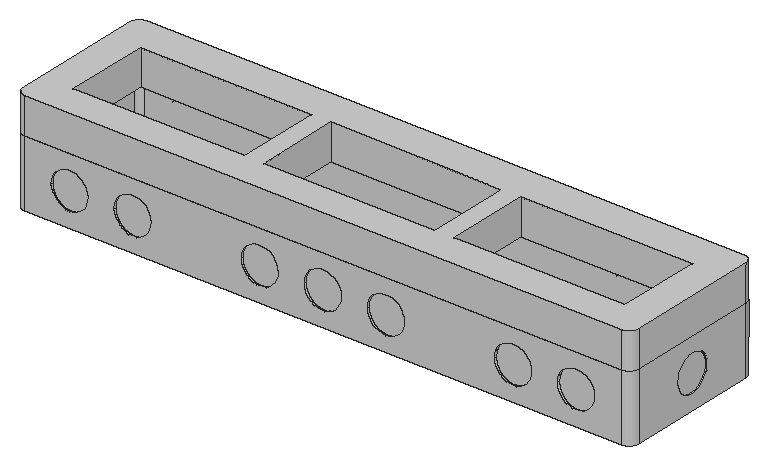
Revit family "Domotics-SerieCivili-GEWISS-27COMBI_SYSTEM-IP40_4P+4P+4P_ORIZ", category Apparecchi elettrici, host Superficie, Revit 2016
Family settings
  Host = Superficie
  Mantenere orientamento annotazione = No
  Tipo di parte = Normale
  Quota connettore circolare = Usa diametro
  Numero OmniClass = 23.80.30.14.24
  Titolo OmniClass = Junction Boxes
  Taglio con vuoti quando caricato = Sì
  Condiviso = No
  Punto di calcolo locali = No
Parameters (values of type "GW27007 - 4x3 posti orizzontali")
  Viti coperchio = "Acciaio resistente alla corrosione"
  Versione file RFA = "19.4"
  URL = "https://www.gewiss.com/it/it"
  Tipo sfondabili = "Asportabili con utensile"
  Tipo = SYSTEM CONTENITORI IP40 4X3P H_BASE : GW27007 - 4x3 posti orizzontali
  Termopressione con biglia = "70 °C"
  Temperatura di installazione = "-25 +60 °C"
  Scheda Tecnica = "https://www.gewiss.com/it/it/search?q=GW27007"
  SEO = "Contenitore"
  SCATOLA = GEWISS GRIGIO
  Resistenza agli urti = "IK07"
  Produttore = "GEWISS S.p.A."
  Predisposizione scomparti = "3"
  Offset contenitore [instance] = 0 mm
  Offset bidimensionale [instance] = Offset contenitore + 55 mm  # 55 mm
  Norma di riferimento: = "EN 60670-1"
  N. fori Ã˜ 23 sfondabili: = "Laterali 16 / Sul fondo 3"
  N. fori Ã˜ 23 sfondabili = "16"
  Modello = "GW27007"
  Larghezza scatola = 330 mm
  IFC.TypeObject = ""
  IFC.ExportType = ""
  IFC.ExportAs = ""
  IDT = "0ac9fafb-c611-4cc4-9ad7-197cb8e27791"
  IDF = "339c15e2-7cd6-423c-a138-e17ac40dea8d"
  Grado di protezione = "IP40"
  Glow Wire Test = "650°C"
  Distanza simbolo [instance] = 231.658 mm
  Default Elevation = 1219.2 mm
  Immagine tipo = GW27007.jpg
  Dimensioni BxHxP (mm) = "330x82x55"
  Dim. esterne BxHxP (mm) = "330x82x55"
  Descrizione: = "12 posti"
  Descrizione = "CONTENITORE 12(4X3) POSTI ORIZZ.PROT."
  Creato da GEWISS S.p.A. = ""
  Coppia serraggio viti = "0,8NM"
  Configurazione = "Modulo 4 x 3"
  Colore = "Grigio RAL 7035"
  Codice Electrocod = "0212"
  Codice EAN = "8011564055308"
  Classe isolamento = "II"
  Catalogo Serie = "27COMBI"
  Catalogo = "DOMOTICS"
  Caratteristiche = "Halogen free"
  COBie.Tagnumber = ""
  COBie.CreatedOn = ""
  COBie.CreatebBy = ""
  COBie.ComponentRegisterItemID = ""
  COBie.Component.TagNumber = ""
  COBie.Component.Space = ""
  COBie.Component.SerialNumber = ""
  COBie.Component.InstallationDate = ""
  COBie.Component.Description = ""
  COBie.Component.BarCode = ""
  Bidimensionale = bidimensionale system contenitori IP40 4X3P H : 4P
  Altezza simbolo [instance] = 102.729 mm
Reference planes
  plane 1 "Centro (Fronte/Retro)": y = 0
  plane 2: z = 0
  plane 3 "Centro (Sinistra/Destra)": x = 0
  plane 4: z = 0
  plane 5 "piano bidimensionale": z = 55
  plane 6: y = 41
  plane 7: y = -41
  plane 8 "1": x = -165
  plane 9 "2": x = 165
Forms (mm)
  Extrusion 1, solid, material "GEWISS GRIGIO" <- "SCATOLA", detail levels coarse
    sketch origin (0, 0, 55) x (0, -1, 0) y (1, 0, 0)
      loop
        arc (-41, -160) -> (-39.536, -163.536) -> (-36, -165) r 5
        line (-36, -165) -> (36, -165)
        arc (36, -165) -> (39.536, -163.536) -> (41, -160) r 5
        line (41, -160) -> (41, 160)
        arc (41, 160) -> (39.536, 163.536) -> (36, 165) r 5
        line (36, 165) -> (-36, 165)
        arc (-36, 165) -> (-39.536, 163.536) -> (-41, 160) r 5
        line (-41, 160) -> (-41, -160)
    from -55 to 0
Lines and regions (mm)
  Masking region 1
    outline origin (0, 0, 0) x (1, 0, 0) y (0, 0, 1)
      loop
        line (-165, 0) -> (165, 0) -> (165, 55) -> (-165, 55) -> (-165, 0)
  Masking region 2
    outline origin (0, 0, 0) x (0, 1, 0) y (0, 0, 1)
      loop
        line (-41, 0) -> (41, 0) -> (41, 55) -> (-41, 55) -> (-41, 0)
  Masking region 3, detail levels medium+fine
    outline origin (0, 0, 0) x (1, 0, 0) y (0, 0, 1)
      loop
        circle (0, 18.132) r 10
      loop
        circle (-33.75, 18.132) r 10
      loop
        circle (-101.875, 18.132) r 10
      loop
        circle (-135.852, 18.132) r 10
      loop
        circle (33.75, 18.132) r 10
      loop
        circle (101.875, 18.132) r 10
      loop
        circle (135.852, 18.132) r 10
  Masking region 4, detail levels medium+fine
    outline origin (0, 0, 0) x (0, 1, 0) y (0, 0, 1)
      loop
        circle (0, 18.264) r 10
Dimensions and locks
  "Offset contenitore": plane 4 to host face
  "Offset bidimensionale": plane 5 "piano bidimensionale" to plane 2
  "Larghezza scatola": plane 8 "1" to plane 9 "2"
  equal spacing: plane 8 "1", plane 3 "Centro (Sinistra/Destra)", plane 9 "2"
  locked: plane 6 to plane 7 at 82
  aligned and locked: plane 2 to host face
  aligned and locked: level to host face
  aligned and locked: Extrusion 1 to plane 4
  aligned and locked: plane 5 "piano bidimensionale" to Extrusion 1
  aligned and locked: plane 4 to Extrusion 1  (x5)
  aligned and locked: plane 6 to Extrusion 1
  aligned and locked: Extrusion 1 to plane 8 "1"
  aligned and locked: Extrusion 1 to plane 7
  aligned and locked: plane 3 "Centro (Sinistra/Destra)" to nested 1
  aligned and locked: plane 1 "Centro (Fronte/Retro)" to nested 1
  aligned and locked: Extrusion 1 sketch curve to plane 8 "1"
  aligned and locked: plane 5 "piano bidimensionale" to nested 1
  aligned and locked: plane 8 "1" to nested 2
  aligned and locked: Extrusion 1 sketch curve to plane 9 "2"
  aligned and locked: nested 2 to plane 4
  aligned and locked: Masking region 1 sketch curve to Extrusion 1  (x3)
  aligned and locked: Masking region 1 sketch curve to nested 2
  aligned and locked: Masking region 2 sketch curve to Extrusion 1  (x3)
  aligned and locked: Masking region 2 sketch curve to nested 2
Automatic sketch dimensions
  host sketch curve to host sketch curve = 2438.4 mm  (x2)
  plane 6 to Extrusion 1 sketch curve = 0 mm
  plane 7 to Extrusion 1 sketch curve = 0 mm
  Extrusion 1 sketch curve to plane 6 = 5 mm  (x2)
  plane 7 to Extrusion 1 sketch curve = 5 mm
  Extrusion 1 sketch curve to Extrusion 1 sketch curve = 5 mm
  Masking region 3 sketch curve to plane 3 "Centro (Sinistra/Destra)" = 0 mm
  Masking region 3 sketch curve to Masking region 3 sketch curve = 33.75 mm
  plane 4 to Masking region 3 sketch curve = 18.132 mm  (x7)
  plane 8 "1" to Masking region 3 sketch curve = 63.125 mm
  plane 8 "1" to Masking region 3 sketch curve = 29.148 mm
  plane 3 "Centro (Sinistra/Destra)" to Masking region 3 sketch curve = 33.75 mm
  Masking region 3 sketch curve to plane 9 "2" = 63.125 mm
  Masking region 3 sketch curve to plane 9 "2" = 29.148 mm
  Masking region 4 sketch curve to plane 1 "Centro (Fronte/Retro)" = 0 mm
  plane 4 to Masking region 4 sketch curve = 18.264 mm
  radius of Masking region 3 sketch curve = 10 mm  (x7)
  radius of Masking region 4 sketch curve = 10 mm
Nested families
  nested 1: "bidimensionale system contenitori IP40 4X3P H" at (0, 0, 55), type <- "Bidimensionale", type "4P", detail levels coarse
  nested 2: "SYSTEM CONTENITORI IP40 4X3P H_BASE" at (0, 0, 0), type <- "Tipo", type "GW27007 - 4x3 posti orizzontali"
Connectors
  cabletrayconduit at (-165, 0, 18), diameter 20
    settings: on nested 2, index 1, connector width 300 mm, connector height 300 mm, connector angle 0.00°, system type 32, placement type 0, profile type 0, connector reference index -1, is primary connector yes, connector utility param no, connector description ""
  cabletrayconduit at (-135.83, 41, 18), diameter 20
    settings: on nested 2, index 2, connector width 300 mm, connector height 300 mm, connector angle 0.00°, system type 32, placement type 0, profile type 0, connector reference index -1, is primary connector no, connector utility param no, connector description ""
  cabletrayconduit at (-102, 41, 18), diameter 20
    settings: on nested 2, index 3, connector width 300 mm, connector height 300 mm, connector angle 0.00°, system type 32, placement type 0, profile type 0, connector reference index -1, is primary connector no, connector utility param no, connector description ""
  cabletrayconduit at (-33.83, 41, 18), diameter 20
    settings: on nested 2, index 4, connector width 300 mm, connector height 300 mm, connector angle 0.00°, system type 32, placement type 0, profile type 0, connector reference index -1, is primary connector no, connector utility param no, connector description ""
  cabletrayconduit at (0, 41, 18), diameter 20
    settings: on nested 2, index 5, connector width 300 mm, connector height 300 mm, connector angle 0.00°, system type 32, placement type 0, profile type 0, connector reference index -1, is primary connector no, connector utility param no, connector description ""
  cabletrayconduit at (33.83, 41, 18), diameter 20
    settings: on nested 2, index 6, connector width 300 mm, connector height 300 mm, connector angle 0.00°, system type 32, placement type 0, profile type 0, connector reference index -1, is primary connector no, connector utility param no, connector description ""
  cabletrayconduit at (102, 41, 18), diameter 20
    settings: on nested 2, index 7, connector width 300 mm, connector height 300 mm, connector angle 0.00°, system type 32, placement type 0, profile type 0, connector reference index -1, is primary connector no, connector utility param no, connector description ""
  cabletrayconduit at (135.83, 41, 18), diameter 20
    settings: on nested 2, index 8, connector width 300 mm, connector height 300 mm, connector angle 0.00°, system type 32, placement type 0, profile type 0, connector reference index -1, is primary connector no, connector utility param no, connector description ""
  cabletrayconduit at (-135.83, -41, 18), diameter 20
    settings: on nested 2, index 9, connector width 300 mm, connector height 300 mm, connector angle 0.00°, system type 32, placement type 0, profile type 0, connector reference index -1, is primary connector no, connector utility param no, connector description ""
  cabletrayconduit at (-102, -41, 18), diameter 20
    settings: on nested 2, index 10, connector width 300 mm, connector height 300 mm, connector angle 0.00°, system type 32, placement type 0, profile type 0, connector reference index -1, is primary connector no, connector utility param no, connector description ""
  cabletrayconduit at (-33.83, -41, 18), diameter 20
    settings: on nested 2, index 11, connector width 300 mm, connector height 300 mm, connector angle 0.00°, system type 32, placement type 0, profile type 0, connector reference index -1, is primary connector no, connector utility param no, connector description ""
  cabletrayconduit at (0, -41, 18), diameter 20
    settings: on nested 2, index 12, connector width 300 mm, connector height 300 mm, connector angle 0.00°, system type 32, placement type 0, profile type 0, connector reference index -1, is primary connector no, connector utility param no, connector description ""
  cabletrayconduit at (33.83, -41, 18), diameter 20
    settings: on nested 2, index 13, connector width 300 mm, connector height 300 mm, connector angle 0.00°, system type 32, placement type 0, profile type 0, connector reference index -1, is primary connector no, connector utility param no, connector description ""
  cabletrayconduit at (102, -41, 18), diameter 20
    settings: on nested 2, index 14, connector width 300 mm, connector height 300 mm, connector angle 0.00°, system type 32, placement type 0, profile type 0, connector reference index -1, is primary connector no, connector utility param no, connector description ""
  cabletrayconduit at (135.83, -41, 18), diameter 20
    settings: on nested 2, index 15, connector width 300 mm, connector height 300 mm, connector angle 0.00°, system type 32, placement type 0, profile type 0, connector reference index -1, is primary connector no, connector utility param no, connector description ""
  cabletrayconduit at (165, 0, 18), diameter 20
    settings: on nested 2, index 16, connector width 300 mm, connector height 300 mm, connector angle 0.00°, system type 32, placement type 0, profile type 0, connector reference index -1, is primary connector no, connector utility param no, connector description ""
Definition of nested family "SYSTEM CONTENITORI IP40 4X3P H_BASE"
  Parameters (values of type "GW27007 - 4x3 posti orizzontali")
    SCATOLA = none
    PRESA = none
    Profondità scatola = 55 mm  # constant formula
    Larghezza scatola = 330 mm
    Larghezza foro = 92 mm
    Bidimensionale = 70 mm
    Altezza scatola = 82 mm  # constant formula
    Altezza foro = 45 mm
  Reference planes
    plane 1 "Centro (Fronte/Retro)": y = 0
    plane 2: z = 0
    plane 3 "Centro (Sinistra/Destra)": x = 0
    plane 4: y = -41
    plane 5: y = 41
    plane 6: x = -165
    plane 7: x = 165
    plane 8 "PIANO BIDIMENSIONALE": z = 70
    plane 9: z = 55
    plane 10: y = 21.5
    plane 11: y = -23.5
    plane 12: x = -46
    plane 13: x = 46
    plane 14: x = -56
    plane 15: x = -148
    plane 16: x = 56
    plane 17: x = 148
  Forms (mm)
    Extrusion 1, solid, material <- "SCATOLA", detail levels medium+fine
      sketch origin (0, 0, 66) x (0, -1, 0) y (1, 0, 0)
        loop
          arc (-41, -160) -> (-39.536, -163.536) -> (-36, -165) r 5
          line (-36, -165) -> (36, -165)
          arc (36, -165) -> (39.536, -163.536) -> (41, -160) r 5
          line (41, -160) -> (41, 160)
          arc (41, 160) -> (39.536, 163.536) -> (36, 165) r 5
          line (36, 165) -> (-36, 165)
          arc (-36, 165) -> (-39.536, 163.536) -> (-41, 160) r 5
          line (-41, 160) -> (-41, -160)
        loop
          line (36, 163) -> (-36, 163)
          arc (-36, 163) -> (-38.121, 162.121) -> (-39, 160) r 3
          line (-39, 160) -> (-39, -160)
          arc (-39, -160) -> (-38.121, -162.121) -> (-36, -163) r 3
          line (-36, -163) -> (36, -163)
          arc (36, -163) -> (38.121, -162.121) -> (39, -160) r 3
          line (39, -160) -> (39, 160)
          arc (39, 160) -> (38.121, 162.121) -> (36, 163) r 3
      from -66 to -30
    Extrusion 2, void, detail levels medium+fine
      sketch origin (0, 0, 0) x (0, 1, 0) y (0, 0, 1)
        loop
          circle (0, 18) r 10
      from 163.911 to 165
    Extrusion 3, void, detail levels medium+fine
      sketch origin (0, 25.408, 0) x (1, 0, 0) y (0, 0, -1)
        loop
          circle (0, -18) r 10
        loop
          circle (-33.83, -18) r 10
        loop
          circle (33.83, -18) r 10
        loop
          circle (-135.83, -18) r 10
        loop
          circle (-102, -18) r 10
        loop
          circle (102, -18) r 10
        loop
          circle (135.83, -18) r 10
      from 14.491 to 15.592
    Extrusion 4, void, detail levels medium+fine
      sketch origin (-81, 0, 0) x (0, 1, 0) y (0, 0, 1)
        loop
          circle (0, 18) r 10
      from -84 to -82.896
    Extrusion 5, void
      sketch origin (0, 0, 0) x (1, 0, 0) y (0, 0, 1)
        loop
          circle (0, 18) r 10
        loop
          circle (-33.83, 18) r 10
        loop
          circle (33.83, 18) r 10
        loop
          circle (102, 18) r 10
        loop
          circle (135.83, 18) r 10
        loop
          circle (-102, 18) r 10
        loop
          circle (-135.83, 18) r 10
      from 40.113 to 41
    Extrusion 6, solid, material <- "SCATOLA", detail levels medium+fine
      sketch origin (0, 0, 0) x (1, 0, 0) y (0, 1, 0)
        loop
          line (-163, 36) -> (-163, -36)
          arc (-163, -36) -> (-162.121, -38.121) -> (-160, -39) r 3
          line (-160, -39) -> (160, -39)
          arc (160, -39) -> (162.121, -38.121) -> (163, -36) r 3
          line (163, -36) -> (163, 36)
          arc (163, 36) -> (162.121, 38.121) -> (160, 39) r 3
          line (160, 39) -> (-160, 39)
          arc (-160, 39) -> (-162.121, 38.121) -> (-163, 36) r 3
      from 0 to 2
    Extrusion 7, solid, material <- "SCATOLA", detail levels medium+fine
      sketch origin (0, 0, 70) x (-1, 0, 0) y (0, -1, 0)
        loop
          line (165, -36) -> (165, 36)
          arc (165, 36) -> (163.536, 39.536) -> (160, 41) r 5
          line (160, 41) -> (-160, 41)
          arc (-160, 41) -> (-163.536, 39.536) -> (-165, 36) r 5
          line (-165, 36) -> (-165, -36)
          arc (-165, -36) -> (-163.536, -39.536) -> (-160, -41) r 5
          line (-160, -41) -> (160, -41)
          arc (160, -41) -> (163.536, -39.536) -> (165, -36) r 5
        loop
          line (148, 23.5) -> (56, 23.5) -> (56, -21.5) -> (148, -21.5) -> (148, 23.5)
        loop
          line (46, 23.5) -> (-46, 23.5) -> (-46, -21.5) -> (46, -21.5) -> (46, 23.5)
        loop
          line (-148, -21.5) -> (-56, -21.5) -> (-56, 23.5) -> (-148, 23.5) -> (-148, -21.5)
      from -34 to -15
  Cuts and joins
    Extrusion 2, Extrusion 3, Extrusion 4, Extrusion 5 cuts Extrusion 1
  Lines and regions (mm)
    Masking region 1
      outline origin (0, 0, 70) x (-1, 0, 0) y (0, -1, 0)
        loop
          line (-160, -41) -> (160, -41)
          arc (160, -41) -> (163.536, -39.536) -> (165, -36) r 5
          line (165, -36) -> (165, 36)
          arc (165, 36) -> (163.536, 39.536) -> (160, 41) r 5
          line (160, 41) -> (-160, 41)
          arc (-160, 41) -> (-163.536, 39.536) -> (-165, 36) r 5
          line (-165, 36) -> (-165, -36)
          arc (-165, -36) -> (-163.536, -39.536) -> (-160, -41) r 5
        loop
          circle (-160, 36) r 2
        loop
          circle (-160, -36) r 2
        loop
          circle (160, -36) r 2
        loop
          circle (160, 36) r 2
        loop
          line (46, 23.5) -> (-46, 23.5) -> (-46, -21.5) -> (46, -21.5) -> (46, 23.5)
        loop
          line (-56, 23.5) -> (-148, 23.5) -> (-148, -21.5) -> (-56, -21.5) -> (-56, 23.5)
        loop
          line (56, -21.5) -> (148, -21.5) -> (148, 23.5) -> (56, 23.5) -> (56, -21.5)
    Masking region 2
      outline origin (0, 0, 70) x (-1, 0, 0) y (0, -1, 0)
        loop
          circle (160, -36) r 2
        loop
          circle (160, 36) r 2
        loop
          circle (-160, 36) r 2
        loop
          circle (-160, -36) r 2
        loop
          line (148, -21.5) -> (148, 23.5) -> (56, 23.5) -> (56, -21.5) -> (148, -21.5)
        loop
          line (46, -21.5) -> (46, 23.5) -> (-46, 23.5) -> (-46, -21.5) -> (46, -21.5)
        loop
          line (-56, -21.5) -> (-56, 23.5) -> (-148, 23.5) -> (-148, -21.5) -> (-56, -21.5)
  Dimensions and locks
    equal spacing: plane 4, plane 1 "Centro (Fronte/Retro)", plane 5
    plane 4 to plane 5 = 82 mm
    equal spacing: plane 6, plane 3 "Centro (Sinistra/Destra)", plane 7
    "Larghezza scatola": plane 6 to plane 7
    equal spacing: plane 5, plane 1 "Centro (Fronte/Retro)", plane 4
    "Altezza scatola": plane 5 to plane 4
    "Bidimensionale": plane 8 "PIANO BIDIMENSIONALE" to level
    "Profondità scatola": plane 9 to plane 2
    "Altezza foro": plane 10 to plane 11
    locked: cut or joined group of Extrusion 1, Extrusion 2, Extrusion 3, Extrusion 4, Extrusion 5 to Extrusion 7 at 1.089
    locked: Extrusion 7 to cut or joined group of Extrusion 1, Extrusion 2, Extrusion 3, Extrusion 4, Extrusion 5 at 1.104
    equal spacing: plane 12, plane 3 "Centro (Sinistra/Destra)", plane 13
    "Larghezza foro": plane 12 to plane 13
    "Larghezza foro": plane 15 to plane 14
    "Larghezza foro": plane 16 to plane 17
    equal spacing: plane 14, plane 3 "Centro (Sinistra/Destra)", plane 16
    locked: plane 14 to plane 12 at 10
    aligned and locked: level to plane 2
    aligned and locked: plane 7 to Extrusion 2
    aligned and locked: plane 5 to Extrusion 3
    aligned and locked: Extrusion 5 to plane 4
    aligned and locked: Extrusion 6 to cut or joined group of Extrusion 1, Extrusion 2, Extrusion 3, Extrusion 4, Extrusion 5  (x4)
    aligned and locked: Extrusion 4 to plane 6
    aligned and locked: cut or joined group of Extrusion 1, Extrusion 2, Extrusion 3, Extrusion 4, Extrusion 5 to plane 2
    aligned and locked: Extrusion 1 to level
    aligned and locked: Extrusion 7 sketch curve to cut or joined group of Extrusion 1, Extrusion 2, Extrusion 3, Extrusion 4, Extrusion 5  (x4)
    aligned and locked: Extrusion 7 to cut or joined group of Extrusion 1, Extrusion 2, Extrusion 3, Extrusion 4, Extrusion 5
    aligned and locked: Extrusion 7 to plane 9
    aligned and locked: Masking region 1 sketch curve to Extrusion 7  (x4)
    aligned and locked: Masking region 1 to plane 6
    aligned and locked: plane 7 to Masking region 1
    aligned and locked: Masking region 1 sketch curve to plane 11  (x3)
    aligned and locked: Masking region 1 sketch curve to plane 12
    aligned and locked: plane 10 to Masking region 1 sketch curve
    aligned and locked: plane 13 to Masking region 1 sketch curve
    aligned and locked: plane 16 to Masking region 1 sketch curve
    aligned and locked: Masking region 1 sketch curve to plane 10
    aligned and locked: Masking region 1 sketch curve to plane 17
    aligned and locked: Masking region 1 sketch curve to plane 15
    aligned and locked: Masking region 2 sketch curve to plane 10  (x3)
    aligned and locked: Masking region 2 sketch curve to plane 14
    aligned and locked: plane 12 to Masking region 2 sketch curve
    aligned and locked: plane 15 to Masking region 2 sketch curve
    aligned and locked: Masking region 2 sketch curve to plane 13
    aligned and locked: Masking region 2 sketch curve to plane 16
    aligned and locked: plane 17 to Masking region 2 sketch curve
    aligned and locked: Masking region 2 sketch curve to plane 11
    aligned and locked: plane 11 to Masking region 2 sketch curve  (x2)
    aligned and locked: plane 14 to Masking region 1 sketch curve
    aligned and locked: Extrusion 7 sketch curve to plane 12
    aligned and locked: plane 13 to Extrusion 7 sketch curve
    aligned and locked: plane 16 to Extrusion 7 sketch curve
    aligned and locked: Extrusion 7 sketch curve to plane 17
    aligned and locked: plane 14 to Extrusion 7 sketch curve
    aligned and locked: Extrusion 7 sketch curve to plane 15
    aligned and locked: plane 10 to Extrusion 7 sketch curve  (x2)
    aligned and locked: Extrusion 7 sketch curve to plane 10
    aligned and locked: Extrusion 7 sketch curve to plane 11  (x3)
  Automatic sketch dimensions
    Extrusion 1 sketch curve to plane 5 = 0 mm
    Extrusion 1 sketch curve to plane 6 = 0 mm
    Extrusion 1 sketch curve to plane 7 = 0 mm
    Extrusion 1 sketch curve to plane 4 = 0 mm
    Extrusion 1 sketch curve to Extrusion 1 sketch curve = 5 mm  (x2)
    plane 4 to Extrusion 1 sketch curve = 5 mm  (x2)
    Extrusion 2 sketch curve to plane 1 "Centro (Fronte/Retro)" = 0 mm
    level to Extrusion 2 sketch curve = 18 mm
    Extrusion 4 sketch curve to plane 1 "Centro (Fronte/Retro)" = 0 mm
    level to Extrusion 4 sketch curve = 18 mm
    Extrusion 1 sketch curve to Extrusion 1 sketch curve = 0 mm  (x7)
    Extrusion 1 sketch curve to Extrusion 1 sketch curve = 2 mm
    plane 6 to Extrusion 6 sketch curve = 2 mm
    plane 4 to Extrusion 6 sketch curve = 2 mm
    Extrusion 6 sketch curve to Extrusion 6 sketch curve = 3 mm  (x2)
    Extrusion 6 sketch curve to plane 7 = 5 mm  (x2)
    Extrusion 6 sketch curve to plane 7 = 2 mm
    Extrusion 6 sketch curve to plane 5 = 5 mm
    plane 6 to Masking region 2 sketch curve = 5 mm  (x2)
    Masking region 2 sketch curve to plane 5 = 5 mm  (x2)
    Masking region 2 sketch curve to Masking region 2 sketch curve = 2 mm  (x4)
    plane 4 to Masking region 2 sketch curve = 5 mm  (x2)
    Masking region 2 sketch curve to plane 7 = 5 mm  (x2)
    Masking region 1 sketch curve to Masking region 1 sketch curve = 0 mm  (x8)
    Masking region 1 sketch curve to Masking region 1 sketch curve = 5 mm  (x2)
    plane 4 to Masking region 1 sketch curve = 5 mm
    plane 6 to Masking region 1 sketch curve = 5 mm
    Extrusion 7 sketch curve to plane 7 = 5 mm  (x2)
    Extrusion 7 sketch curve to Extrusion 7 sketch curve = 5 mm
    plane 6 to Extrusion 7 sketch curve = 5 mm
    Masking region 1 sketch curve to plane 10 = 0 mm
    Extrusion 5 sketch curve to Extrusion 5 sketch curve = 0 mm  (x14)
    Extrusion 5 sketch curve to plane 3 "Centro (Sinistra/Destra)" = 0 mm
    plane 12 to Extrusion 5 sketch curve = 12.17 mm
    level to Extrusion 5 sketch curve = 18 mm  (x7)
    Extrusion 5 sketch curve to plane 14 = 46 mm
    plane 15 to Extrusion 5 sketch curve = 12.17 mm
    Extrusion 5 sketch curve to plane 13 = 12.17 mm
    Extrusion 5 sketch curve to plane 16 = 46 mm
    plane 17 to Extrusion 5 sketch curve = 12.17 mm
    Extrusion 5 sketch curve to plane 3 "Centro (Sinistra/Destra)" = 10 mm
    Extrusion 5 sketch curve to Extrusion 5 sketch curve = 10 mm  (x6)
    Extrusion 3 sketch curve to plane 3 "Centro (Sinistra/Destra)" = 0 mm
    plane 12 to Extrusion 3 sketch curve = 12.17 mm
    Extrusion 3 sketch curve to plane 13 = 12.17 mm
    level to Extrusion 3 sketch curve = 18 mm  (x7)
    Extrusion 3 sketch curve to Extrusion 3 sketch curve = 10 mm  (x6)
    plane 15 to Extrusion 3 sketch curve = 12.17 mm
    Extrusion 3 sketch curve to Extrusion 3 sketch curve = 23.83 mm
    Extrusion 3 sketch curve to plane 16 = 46 mm
    Extrusion 3 sketch curve to Extrusion 3 sketch curve = 0 mm  (x2)
    plane 17 to Extrusion 3 sketch curve = 12.17 mm
    radius of Extrusion 2 sketch curve = 10 mm
    radius of Extrusion 4 sketch curve = 10 mm
    radius of Masking region 1 sketch curve = 2 mm  (x4)
    radius of Extrusion 3 sketch curve = 10 mm
Definition of nested family "bidimensionale system contenitori IP40 4X3P H"
  Parameters (values of type "4P")
    Larghezza scatola = 330 mm
    Larghezza foro = 92 mm
    Altezza scatola = 82 mm
    Altezza foro = 45 mm  # constant formula
  Reference planes
    plane 1 "Centro (Fronte/Retro)": y = 0
    plane 2: z = 0
    plane 3 "Centro (Sinistra/Destra)": x = 0
    plane 4: x = -165
    plane 5: x = 165
    plane 6: y = 41
    plane 7: y = -41
    plane 8: y = 21.5
    plane 9: y = -23.5
    plane 10: x = -148
    plane 11: x = -56
    plane 12: x = -46
    plane 13: x = 46
    plane 14: x = 56
    plane 15: x = 148
  Lines and regions (mm)
    model lines
      curve 1: line (-165, -36, 0) -> (-165, 36, 0)
      curve 2: arc (-165, 36, 0) -> (-163.536, 39.536, 0) -> (-160, 41, 0) r 5
      curve 3: line (-160, 41, 0) -> (160, 41, 0)
      curve 4: arc (160, 41, 0) -> (163.536, 39.536, 0) -> (165, 36, 0) r 5
      curve 5: line (165, 36, 0) -> (165, -36, 0)
      curve 6: arc (165, -36, 0) -> (163.536, -39.536, 0) -> (160, -41, 0) r 5
      curve 7: line (160, -41, 0) -> (-160, -41, 0)
      curve 8: arc (-160, -41, 0) -> (-163.536, -39.536, 0) -> (-165, -36, 0) r 5
      curve 9: circle (-160, 36, 0) r 2 normal (0, 0, 1)
      curve 10: circle (160, 36, 0) r 2 normal (0, 0, 1)
      curve 11: circle (160, -36, 0) r 2 normal (0, 0, 1)
      curve 12: circle (-160, -36, 0) r 2 normal (0, 0, 1)
      curve 13: line (-148, -23.5, 0) -> (-56, -23.5, 0)
      curve 14: line (-148, 22.5, 0) -> (-148, -23.5, 0)
      curve 15: line (-56, 21.5, 0) -> (-148, 21.5, 0)
      curve 16: line (-56, -23.5, 0) -> (-56, 22.5, 0)
      curve 17: line (-46, -23.5, 0) -> (46, -23.5, 0)
      curve 18: line (-46, 22.5, 0) -> (-46, -23.5, 0)
      curve 19: line (46, 21.5, 0) -> (-46, 21.5, 0)
      curve 20: line (46, -23.5, 0) -> (46, 22.5, 0)
      curve 21: arc (-146, 24.5, 0) -> (-147.414, 23.914, 0) -> (-148, 22.5, 0) r 2
      curve 22: line (-146, 24.5, 0) -> (-58, 24.5, 0)
      curve 23: arc (-56, 22.5, 0) -> (-56.586, 23.914, 0) -> (-58, 24.5, 0) r 2
      curve 24: arc (-44, 24.5, 0) -> (-45.414, 23.914, 0) -> (-46, 22.5, 0) r 2
      curve 25: line (44, 24.5, 0) -> (-44, 24.5, 0)
      curve 26: arc (46, 22.5, 0) -> (45.414, 23.914, 0) -> (44, 24.5, 0) r 2
      curve 27: line (148, -23.5, 0) -> (56, -23.5, 0)
      curve 28: line (148, 22.5, 0) -> (148, -23.5, 0)
      curve 29: line (56, 21.5, 0) -> (148, 21.5, 0)
      curve 30: line (56, -23.5, 0) -> (56, 22.5, 0)
      curve 31: arc (146, 24.5, 0) -> (147.414, 23.914, 0) -> (148, 22.5, 0) r 2
      curve 32: line (146, 24.5, 0) -> (58, 24.5, 0)
      curve 33: arc (56, 22.5, 0) -> (56.586, 23.914, 0) -> (58, 24.5, 0) r 2
  Dimensions and locks
    equal spacing: plane 6, plane 1 "Centro (Fronte/Retro)", plane 7
    equal spacing: plane 4, plane 3 "Centro (Sinistra/Destra)", plane 5
    "Altezza scatola": plane 6 to plane 7
    "Larghezza scatola": plane 4 to plane 5
    "Altezza foro": plane 9 to plane 8
    "Larghezza foro": plane 10 to plane 11
    "Larghezza foro": plane 12 to plane 13
    "Larghezza foro": plane 14 to plane 15
    aligned and locked: level to plane 2
    aligned and locked: plane 9 to curve 13
    aligned and locked: curve 15 to plane 8
    aligned and locked: plane 9 to curve 17
    aligned and locked: curve 19 to plane 8
    aligned and locked: plane 10 to curve 14
    aligned and locked: curve 16 to plane 11
    aligned and locked: plane 12 to curve 18
    aligned and locked: curve 20 to plane 13
    aligned and locked: curve 30 to plane 14
    aligned and locked: plane 15 to curve 28
  Automatic sketch dimensions
    curve 2 to curve 9 = 0 mm  (x2)
    curve 4 to curve 10 = 0 mm  (x2)
    curve 6 to curve 11 = 0 mm  (x2)
    curve 8 to curve 12 = 0 mm  (x2)
    curve 1 to plane 4 = 0 mm
    curve 2 to plane 6 = 0 mm
    curve 7 to plane 7 = 0 mm
    plane 9 to curve 27 = 0 mm
    curve 5 to plane 5 = 0 mm
    plane 8 to curve 29 = 0 mm
    plane 4 to curve 3 = 5 mm
    plane 4 to curve 7 = 5 mm
    curve 21 to plane 8 = 1 mm
    curve 14 to curve 21 = 2 mm
    curve 23 to plane 8 = 1 mm
    curve 25 to plane 12 = 2 mm
    plane 13 to curve 25 = 2 mm
    curve 32 to plane 14 = 2 mm
    curve 31 to plane 8 = 1 mm
    curve 31 to curve 31 = 2 mm
    curve 3 to plane 5 = 5 mm
    curve 7 to plane 5 = 5 mm
    curve 18 to plane 8 = 1 mm
    radius of curve 9 = 2 mm
    radius of curve 10 = 2 mm
    radius of curve 11 = 2 mm
    radius of curve 12 = 2 mm
